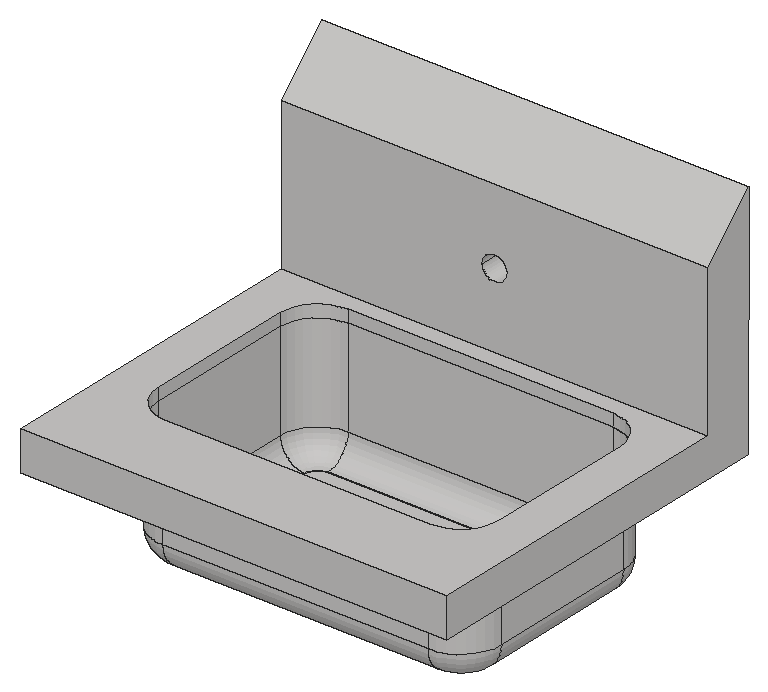
Revit family "QF_Vollrath_1411", category Specialty Equipment, Revit 2016
Family settings
  Part Type = Normal
  Round Connector Dimension = Use Diameter
  OmniClass Number = 23.40.40.14.31
  OmniClass Title = Cleaning and Disposal Equipment
  Work Plane-Based = Yes
  Always vertical = Yes
  Cut with Voids When Loaded = No
  Shared = No
  Room Calculation Point = No
Parameters
  Width = 1' - 5"
  Weight in Pounds = 0
  Watermarked By = "http://revitwatermark.com"
  URL Cutsheet = ""
  Status [instance] = ""
  Specification by User [instance] = ""
  Specification by Manufacturer [instance] = ""
  Sink Width = 1' - 1 9/16"
  Sink Depth = 0' - 9 1/16"
  Sink Basin Depth = 0' - 5 1/2"
  Serial Number [instance] = ""
  Seismic Rating [instance] = ""
  SMACNA No [instance] = ""
  Revision Code [instance] = ""
  Plumbing Remarks [instance] = ""
  Plumbing Connection Type [instance] = ""
  NAFEM Spec ID Number [instance] = ""
  Model = "141-0"
  Masterspec [instance] = ""
  Manufacturer = "Vollrath"
  Item Number [instance] = "-"
  Installed By [instance] = ""
  Furnished By [instance] = ""
  Foodservice Equipment Identifier [instance] = yes
  Direct Waste Size = 2"
  Direct Waste RI Height [instance] = 0' - 0"
  Direct Waste Flow [instance] = 0.00 GPM
  Direct Waste Connection Height [instance] = 0' - 0"
  Description = "Wall-Mount Hand Sink"  # constant formula
  Depth = 1' - 3"
  Default Elevation = 4' - 0"
  CSI MasterFormat = ""
Reference planes (in)
  plane 1 "BACK": y = 0
  plane 2 "BOTTOM": z = 0
  plane 3 "LEFT": x = 0
  plane 4 "RIGHT": x = 17
  plane 5 "FRONT": y = -15
  plane 6: x = 8.5
  plane 7: y = -7.25
  plane 8: y = -2
  plane 9: y = -2.71875
  plane 10: y = -11.78125
  plane 11: x = 1.71875
  plane 12: x = 15.28125
  plane 13 "TOP": z = 8
  plane 14 "Sink Bottom": z = -5.5
  plane 15 "Bottom of Skirt": z = -1.5625
Forms (in)
  Extrusion 1, solid, material "QF_Finishes_Stainless Steel"
    sketch origin (0, 0, -5.5) x (0, 1, 0) y (0, 0, 1)
      loop
        line (0, 13.5) -> (-2, 11.5) -> (-2, 3.9375) -> (0, 3.9375) -> (0, 13.5)
    from 0 to 17
  Extrusion 2, solid, material "QF_Finishes_Stainless Steel"
    sketch origin (0, 0, 0) x (1, 0, 0) y (0, 1, 0)
      loop
        line (0, -2) -> (0, -15) -> (17, -15) -> (17, -2) -> (0, -2)
      loop
        arc (3.21875, -2.71875) -> (2.15809, -3.15809) -> (1.71875, -4.21875) r 1.5
        line (1.71875, -4.21875) -> (1.71875, -10.28125)
        arc (1.71875, -10.28125) -> (2.15809, -11.34191) -> (3.21875, -11.78125) r 1.5
        line (3.21875, -11.78125) -> (13.78125, -11.78125)
        arc (13.78125, -11.78125) -> (14.84191, -11.34191) -> (15.28125, -10.28125) r 1.5
        line (15.28125, -10.28125) -> (15.28125, -4.21875)
        arc (15.28125, -4.21875) -> (14.84191, -3.15809) -> (13.78125, -2.71875) r 1.5
        line (13.78125, -2.71875) -> (3.21875, -2.71875)
    from 0 to -0.5
  Extrusion 3, void
    sketch origin (0, 0, -5.5) x (1, 0, 0) y (0, 0, 1)
      loop
        circle (8.5, 8.5) r 0.5
    from 0 to 2
  Sweep 4, solid, material "QF_Finishes_Stainless Steel"
    path origin (0, 0, 0) x (1, 0, 0) y (0, 1, 0)
      loop
        arc (3.21875, -2.71875) -> (2.15809, -3.15809) -> (1.71875, -4.21875) r 1.5
        line (1.71875, -4.21875) -> (1.71875, -10.28125)
        arc (1.71875, -10.28125) -> (2.15809, -11.34191) -> (3.21875, -11.78125) r 1.5
        line (3.21875, -11.78125) -> (13.78125, -11.78125)
        arc (13.78125, -11.78125) -> (14.84191, -11.34191) -> (15.28125, -10.28125) r 1.5
        line (15.28125, -10.28125) -> (15.28125, -4.21875)
        arc (15.28125, -4.21875) -> (14.84191, -3.15809) -> (13.78125, -2.71875) r 1.5
        line (13.78125, -2.71875) -> (3.21875, -2.71875)
    profile origin (8.5, -2.71875, 0) x (0, 1, 0) y (0, 0, 1)
      loop
        line (0, -0.5) -> (0, -4.375)
        arc (0, -4.375) -> (-0.29289, -5.08211) -> (-1, -5.375) r 1
        line (-1, -5.375) -> (-1, -5.5)
        arc (-1, -5.5) -> (-0.2045, -5.1705) -> (0.125, -4.375) r 1.125
        line (0.125, -4.375) -> (0.125, -0.5) -> (0, -0.5)
  Extrusion 5, solid, material "QF_Finishes_Stainless Steel"
    sketch origin (0, 0, -5.5) x (-1, 0, 0) y (0, -1, 0)
      loop
        line (-13.78125, 3.71875) -> (-3.21875, 3.71875)
        arc (-3.21875, 3.71875) -> (-2.8652, 3.8652) -> (-2.71875, 4.21875) r 0.5
        line (-2.71875, 4.21875) -> (-2.71875, 10.28125)
        arc (-2.71875, 10.28125) -> (-2.8652, 10.6348) -> (-3.21875, 10.78125) r 0.5
        line (-3.21875, 10.78125) -> (-13.78125, 10.78125)
        arc (-13.78125, 10.78125) -> (-14.1348, 10.6348) -> (-14.28125, 10.28125) r 0.5
        line (-14.28125, 10.28125) -> (-14.28125, 4.21875)
        arc (-14.28125, 4.21875) -> (-14.1348, 3.8652) -> (-13.78125, 3.71875) r 0.5
      loop
        circle (-8.5, 7.25) r 1
    from 0 to 0.125
  Extrusion 6, solid, material "QF_Finishes_Stainless Steel"
    sketch origin (0, 0, -1.5625) x (-1, 0, 0) y (0, -1, 0)
      loop
        line (0, 2) -> (0, 15) -> (-17, 15) -> (-17, 2) -> (-16.75, 2) -> (-16.75, 14.75) -> (-0.25, 14.75) -> (-0.25, 2) -> (0, 2)
    from 0 to 1.0625
Cuts and joins
  Extrusion 3 cuts Extrusion 1
  Extrusion 3 cuts Extrusion 2
  joined: Extrusion 1, Extrusion 2, Extrusion 6
Lines and regions (in)
  symbolic lines
    curve 1: line (0, 0, -1.5625) -> (17, 0, -1.5625)
    curve 2: line (0, -15, -1.5625) -> (0, 0, -1.5625)
    curve 3: line (17, -15, -1.5625) -> (0, -15, -1.5625)
    curve 4: line (17, 0, -1.5625) -> (17, -15, -1.5625)
  symbolic lines, style "QF_Surface Details"
    curve 5: circle (8.5, -7.25, -1.5625) r 1 normal (0, 0, -1)
    curve 6: line (0, -2, -1.5625) -> (17, -2, -1.5625)
    curve 7: line (13.78125, -2.71875, -1.5625) -> (3.21875, -2.71875, -1.5625)
    curve 8: arc (13.78125, -2.71875, -1.5625) -> (14.84191, -3.15809, -1.5625) -> (15.28125, -4.21875, -1.5625) r 1.5
    curve 9: line (15.28125, -10.28125, -1.5625) -> (15.28125, -4.21875, -1.5625)
    curve 10: arc (1.71875, -4.21875, -1.5625) -> (2.15809, -3.15809, -1.5625) -> (3.21875, -2.71875, -1.5625) r 1.5
    curve 11: line (1.71875, -4.21875, -1.5625) -> (1.71875, -10.28125, -1.5625)
    curve 12: arc (3.21875, -11.78125, -1.5625) -> (2.15809, -11.34191, -1.5625) -> (1.71875, -10.28125, -1.5625) r 1.5
    curve 13: line (3.21875, -11.78125, -1.5625) -> (13.78125, -11.78125, -1.5625)
    curve 14: arc (15.28125, -10.28125, -1.5625) -> (14.84191, -11.34191, -1.5625) -> (13.78125, -11.78125, -1.5625) r 1.5
Dimensions and locks (in)
  "Width": plane 3 "LEFT" to plane 4 "RIGHT"
  "Depth": plane 5 "FRONT" to plane 1 "BACK"
  locked: plane 8 to plane 1 "BACK" at 2
  equal spacing: plane 9, plane 7, plane 10
  "Sink Depth": plane 9 to plane 10
  equal spacing: plane 3 "LEFT", plane 6, plane 4 "RIGHT"
  equal spacing: plane 11, plane 6, plane 12
  "Sink Width": plane 11 to plane 12
  locked: plane 13 "TOP" to level at 8
  "Sink Basin Depth": level to plane 14 "Sink Bottom"
  locked: Extrusion 1 sketch curve to plane 13 "TOP" at 2
  locked: Extrusion 3 sketch curve to level at 3
  plane 6 to Extrusion 3 sketch curve = 0' - 0"
  locked: level to plane 15 "Bottom of Skirt" at 1.5625
  locked: level to Sweep 4 sketch curve at 0.5
  locked: Sweep 4 sketch curve to plane 9 at 0.125
  locked: plane 14 "Sink Bottom" to Sweep 4 sketch curve at 0.125
  plane 11 to plane 12 = 1' - 1 9/16"
  plane 9 to plane 10 = 0' - 9 1/16"
  locked: plane 3 "LEFT" to Extrusion 6 sketch curve at 0.25
  locked: plane 5 "FRONT" to Extrusion 6 sketch curve at 0.25
  locked: Extrusion 6 sketch curve to plane 4 "RIGHT" at 0.25
  locked: plane 8 to plane 9 at 0.71875
  aligned and locked: level to plane 2 "BOTTOM"
  aligned and locked: plane 4 "RIGHT" to Extrusion 1
  aligned: plane 9 to cut or joined group of Extrusion 1, Extrusion 2, Extrusion 3, Extrusion 6
  aligned and locked: Extrusion 3 to plane 8
  aligned and locked: plane 1 "BACK" to Extrusion 1 sketch curve
  aligned and locked: plane 8 to Extrusion 1 sketch curve
  aligned and locked: plane 3 "LEFT" to Extrusion 2 sketch curve
  aligned and locked: Extrusion 2 sketch curve to plane 8
  aligned and locked: Extrusion 2 sketch curve to plane 4 "RIGHT"
  aligned and locked: Extrusion 2 sketch curve to plane 5 "FRONT"
  aligned and locked: Extrusion 2 sketch curve to plane 9
  aligned and locked: plane 11 to Extrusion 2 sketch curve
  aligned and locked: plane 10 to Extrusion 2 sketch curve
  aligned and locked: Extrusion 2 sketch curve to plane 12
  aligned and locked: Sweep 4 sketch curve to plane 9
  aligned and locked: plane 11 to Sweep 4 sketch curve
  aligned and locked: plane 10 to Sweep 4 sketch curve
  aligned and locked: Sweep 4 sketch curve to plane 12
  aligned and locked: plane 9 to Sweep 4 sketch curve
  aligned and locked: plane 14 "Sink Bottom" to Sweep 4 sketch curve
  aligned and locked: Extrusion 5 sketch curve to Sweep 4  (x4)
  aligned and locked: plane 8 to Extrusion 6 sketch curve  (x2)
  aligned and locked: plane 4 "RIGHT" to Extrusion 6 sketch curve
  aligned and locked: plane 5 "FRONT" to Extrusion 6 sketch curve
  aligned and locked: Extrusion 6 sketch curve to plane 3 "LEFT"
  aligned and locked: Extrusion 1 sketch curve to plane 15 "Bottom of Skirt"
  aligned and locked: curve 1 to cut or joined group of Extrusion 1, Extrusion 2, Extrusion 3, Extrusion 6
  aligned and locked: curve 2 to cut or joined group of Extrusion 1, Extrusion 2, Extrusion 3, Extrusion 6
  aligned and locked: curve 3 to cut or joined group of Extrusion 1, Extrusion 2, Extrusion 3, Extrusion 6
  aligned and locked: curve 4 to cut or joined group of Extrusion 1, Extrusion 2, Extrusion 3, Extrusion 6
Automatic sketch dimensions
  Extrusion 1 sketch curve to Extrusion 1 sketch curve = 0' - 2"
  plane 11 to Extrusion 2 sketch curve = 0' - 1 1/2"  (x2)
  plane 10 to Extrusion 2 sketch curve = 0' - 1 1/2"
  Extrusion 2 sketch curve to plane 12 = 0' - 1 1/2"
  plane 11 to Sweep 4 sketch curve = 0' - 1 1/2"  (x2)
  Sweep 4 sketch curve to plane 12 = 0' - 1 1/2"
  Sweep 4 sketch curve to plane 9 = 0' - 1 1/2"
  Sweep 4 sketch curve to Sweep 4 sketch curve = 0' - 1"
  Extrusion 5 sketch curve to plane 7 = 0' - 0"
  Extrusion 5 sketch curve to Extrusion 5 sketch curve = 0' - 0 1/2"  (x4)
  plane 6 to Extrusion 5 sketch curve = 0' - 0"
  curve 5 to plane 6 = 0' - 0"
  curve 6 to plane 8 = 0' - 0"
  curve 5 to plane 7 = 0' - 0"
  curve 8 to plane 12 = 0' - 0"
  curve 8 to plane 9 = 0' - 0"
  curve 8 to plane 12 = 0' - 1 1/2"
  plane 11 to curve 7 = 0' - 1 1/2"
  curve 10 to plane 11 = 0' - 0"
  plane 10 to curve 11 = 0' - 1 1/2"
  curve 12 to plane 10 = 0' - 0"
  curve 13 to plane 12 = 0' - 1 1/2"
  radius of Extrusion 3 sketch curve = 0' - 0 1/2"
  radius of Extrusion 5 sketch curve = 0' - 1"
  radius of curve 5 = 0' - 1"
Connectors (in)
  piping at (8.5, -7.25, -5.5), diameter 2, driven by "Direct Waste Flow"
    settings: on Extrusion 5, index 1, connector inside diameter 2", connector length 0' - 0", flow factor 0, pipe flow 0.00 GPM, pressure drop 0.00 psi, fitting loss kfactor 0, connector angle 0.00°, fixture units 0, engagement length 0' - 0", angle of deflection 0.00°, flow configuration 1, flow direction 2, fitting loss method 0, system type 16, joint type 0, gender type 0, connector reference index -1, connector utility 0, adjustable connector no, is connector primary yes, connector description "DW"
